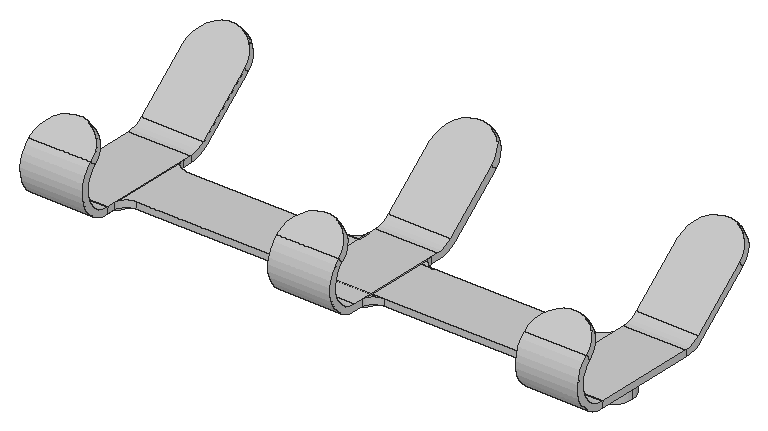
Revit family "Magnuson-Sei-CoatHookStrip+", category Furniture, host Face, Revit 2020
Family settings
  Host = Face
  Cut with Voids When Loaded = No
  Shared = No
  Room Calculation Point = No
Parameters (values of type "SEI-20")
  x = yes
  Width = 17 11/16"
  URL = "www.magnusongroup.com"
  Type Comments = "Coat Hook Strip"  # constant formula
  Revit Model Built By = "https://servex-us.com/servex-revit/"
  Product Documentation Link = "https://magnusongroup.com/products/division10/sei.html"
  Hook Qty = 3
  Frame Finish = MAG - Textured painted steel
  Salvage or Reuse = yes
  Percentage of Recycled Content = 0
  Model = "SEI-20"
  Manufacturer = "Magnuson Group"  # constant formula
  Low Emitting Material = yes
  Low Emitting Finish = yes
  Keynote = "12500"
  Hook Finish = MAG - Textured painted steel
  End Dist = 63/64"
  Description = "Hook strip with three epoxy coated steel hat and coat hooks"
  Default Elevation = 48"
  Assembly Code = "E2020200"
Types (3): name | x | Width | Hook Qty | Model | End Dist | Description
  (no name) | yes | 17 11/16" | 3 | "SEI-20" | 63/64" | "Hook strip with three epoxy coated steel hat and coat hooks"
  SEI-20 | yes | 17 11/16" | 3 | "SEI-20" | 63/64" | "Hook strip with three epoxy coated steel hat and coat hooks"
  SEI-10 | no | 9.85827" | 2 | "SEI-10" | 1" | "Hook strip with two epoxy coated steel hat and coat hooks"
Reference planes (in)
  plane 1 "Center (Front/Back)": y = 0
  plane 2: z = 0
  plane 3 "Center (Left/Right)": x = 0
  plane 4: x = 17.6875
  plane 5: x = 8.84375
  plane 6: x = 0.98438
  plane 7: x = 16.70313
Forms (in)
  Extrusion 1, solid, material "MAG - Textured painted steel" <- "Frame Finish"
    sketch origin (0, 0, 0) x (0, 1, 0) y (0, 0, 1)
      loop
        line (1.66745, 0.82564) -> (-1.63, 0.82564) -> (-1.63, 0.625) -> (1.66745, 0.625) -> (1.66745, 0.82564)
    from 0 to 17.6875
  Extrusion 2, void
    sketch origin (0, 0, 0) x (1, 0, 0) y (0, 1, 0)
      loop
        line (2.36233, 0.98425) -> (15.34092, 0.98425)
        arc (15.34092, 0.98425) -> (15.6138, 1.10056) -> (15.71887, 1.37795) r 0.37827
        line (15.71887, 1.37795) -> (15.71887, 1.83533) -> (1.96863, 1.83533) -> (1.96863, 1.37795)
        arc (1.96863, 1.37795) -> (2.08394, 1.09956) -> (2.36233, 0.98425) r 0.3937
      loop
        arc (2.36233, -0.98425) -> (2.08394, -1.09956) -> (1.96863, -1.37795) r 0.3937
        line (1.96863, -1.37795) -> (1.96863, -1.83533) -> (15.71887, -1.83533) -> (15.71887, -1.37795)
        arc (15.71887, -1.37795) -> (15.6138, -1.10056) -> (15.34092, -0.98425) r 0.37827
        line (15.34092, -0.98425) -> (2.36233, -0.98425)
    from -0.72928 to 2.25
  Extrusion 3, solid, material "MAG - Textured painted steel" <- "Hook Finish", visible <- "x"
    sketch origin (0, 0, 0) x (1, 0, 0) y (0, 1, 0)
      loop
        arc (7.8595, 1.37878) -> (7.74394, 1.09981) -> (7.46497, 0.98425) r 0.39453
        line (7.46497, 0.98425) -> (7.8595, 0.98425) -> (7.8595, 1.37878)
      loop
        line (9.828, 1.37878) -> (9.828, 0.98425) -> (10.22253, 0.98425)
        arc (10.22253, 0.98425) -> (9.94356, 1.09981) -> (9.828, 1.37878) r 0.39453
      loop
        line (7.8595, -1.37878) -> (7.8595, -0.98425) -> (7.46497, -0.98425)
        arc (7.46497, -0.98425) -> (7.74394, -1.09981) -> (7.8595, -1.37878) r 0.39453
      loop
        arc (9.828, -1.37878) -> (9.94356, -1.09981) -> (10.22253, -0.98425) r 0.39453
        line (10.22253, -0.98425) -> (9.828, -0.98425) -> (9.828, -1.37878)
    from 0.625 to 0.82564
Cuts and joins
  Extrusion 2 cuts Extrusion 1
Dimensions and locks (in)
  equal spacing: group 1, group 3, group 2  (x3)
  "Width": plane 3 "Center (Left/Right)" to plane 4
  nested 1 to plane 3 "Center (Left/Right)" = 63/64"
  plane 4 to nested 2 = 63/64"
  equal spacing: plane 3 "Center (Left/Right)", plane 5, plane 4
  "End Dist": plane 3 "Center (Left/Right)" to plane 6
  "End Dist": plane 7 to plane 4
  locked: plane 6 to Extrusion 2 sketch curve at 1.37795  (x2)
  locked: Extrusion 2 sketch curve to plane 7 at 1.3622  (x2)
  Extrusion 3 sketch curve to plane 5 to Extrusion 3 sketch curve = 0.98425" locked, 0.98425" locked  (x2)
  aligned and locked: plane 2 to host face
  aligned and locked: level to host face
  aligned and locked: plane 1 "Center (Front/Back)" to nested 1
  aligned and locked: plane 1 "Center (Front/Back)" to nested 2
  aligned and locked: Extrusion 1 to plane 3 "Center (Left/Right)"
  aligned and locked: plane 4 to Extrusion 1
  aligned and locked: plane 6 to nested 1
  aligned and locked: plane 7 to nested 2
  aligned and locked: cut or joined group of Extrusion 1, Extrusion 2 to Extrusion 3  (x2)
  aligned and locked: cut or joined group of Extrusion 1, Extrusion 2 to nested 1
Automatic sketch dimensions
  host sketch curve to host sketch curve = 21.12737"
  host sketch curve to host sketch curve = 15.17679"
  plane 1 "Center (Front/Back)" to Extrusion 1 sketch curve = 1.63"
  level to Extrusion 1 sketch curve = 5/8"
  Extrusion 1 sketch curve to plane 1 "Center (Front/Back)" = 1.66745"
  Extrusion 1 sketch curve to Extrusion 1 sketch curve = 0.20064"
  Extrusion 2 sketch curve to Extrusion 2 sketch curve = 0.3937"  (x2)
  Extrusion 2 sketch curve to Extrusion 2 sketch curve = 0.37795"  (x2)
  plane 1 "Center (Front/Back)" to Extrusion 2 sketch curve = 1.83533"
  Extrusion 2 sketch curve to Extrusion 2 sketch curve = 0.45738"  (x3)
  Extrusion 2 sketch curve to plane 1 "Center (Front/Back)" = 0.98425"
  Extrusion 2 sketch curve to Extrusion 2 sketch curve = 0.37827"
  Extrusion 3 sketch curve to Extrusion 3 sketch curve = 101/256"  (x4)
  plane 1 "Center (Front/Back)" to Extrusion 3 sketch curve = 1.37878"  (x2)
  Extrusion 3 sketch curve to plane 1 "Center (Front/Back)" = 0.98425"  (x2)
Nested families (in)
  nested 1: "Sei-H" at (0.98437, 0, 0.625), type "Sei-H"
  nested 2: "Sei-H" at (16.70313, 0, 0.625), type "Sei-H"
  nested 3: "Sei-H" at (8.84375, 0, 0.625), type "Sei-H"
Definition of nested family "Sei-H"
  Parameters (values of type "Sei-H")
    Revit Model Built By = "https://servex-us.com/servex-revit/"
    Hook Finish = none
    Default Elevation = 0"
  Reference planes (in)
    plane 1 "Center (Front/Back)": y = 0
    plane 2: z = 0
    plane 3 "Center (Left/Right)": x = 0
    plane 4: through (-0.25533, 0.41369, 48) normal (0.9976, -0.0698, 0)
  Forms (in)
    Sweep 1, solid, material <- "Hook Finish"
      path origin (0, 0, 0) x (0, 1, 0) y (0, 0, 1)
        loop
          line (3.93445, 1.59683) -> (2.31024, 0.23396)
          arc (2.31024, 0.23396) -> (2.00947, 0.06031) -> (1.66745, 0) r 1
          line (1.66745, 0) -> (-1.63, 0)
          arc (-1.63, 0) -> (-2.5697, 0.65798) -> (-2.27279, 1.76604) r 1
      profile origin (0, 0.01873, 0) x (0, 0, -1) y (1, 0, 0)
        loop
          line (-0.20064, 0.98425) -> (-0.20064, -0.98425) -> (0, -0.98425) -> (0, 0.98425) -> (-0.20064, 0.98425)
    Revolve 2, solid, material <- "Hook Finish"
      sketch origin (0, 3.93445, 1.59683) x (0, -0.642788, 0.766044) y (1, 0, 0)
        loop
          line (0.20064, 0) -> (0.20064, 0.98425) -> (0, 0.98425) -> (0, 0) -> (0.20064, 0)
        axis (0.20064, 0) -> (0, 0)
      angle from 360 to 180
    Revolve 3, solid, material <- "Hook Finish"
      sketch origin (0, -2.27279, 1.76604) x (1, 0, 0) y (0, 0.642788, -0.766044)
        loop
          line (0.98425, 0) -> (0.98425, 0.20064) -> (0, 0.20064) -> (0, 0) -> (0.98425, 0)
        axis (0, 0) -> (0, 0.20064)
      angle from 360 to 180
    Extrusion 4, solid, material <- "Hook Finish"
      sketch origin (0, 0, 0) x (1, 0, 0) y (0, 1, 0)
        loop
          circle (0, 0) r 0.62904
      from -0.5889 to 0
  Cuts and joins
    joined: Sweep 1, Revolve 2, Revolve 3
  Dimensions and locks (in)
    aligned and locked: plane 2 to level
    aligned and locked: Revolve 3 sketch curve to Revolve 3 sketch curve
